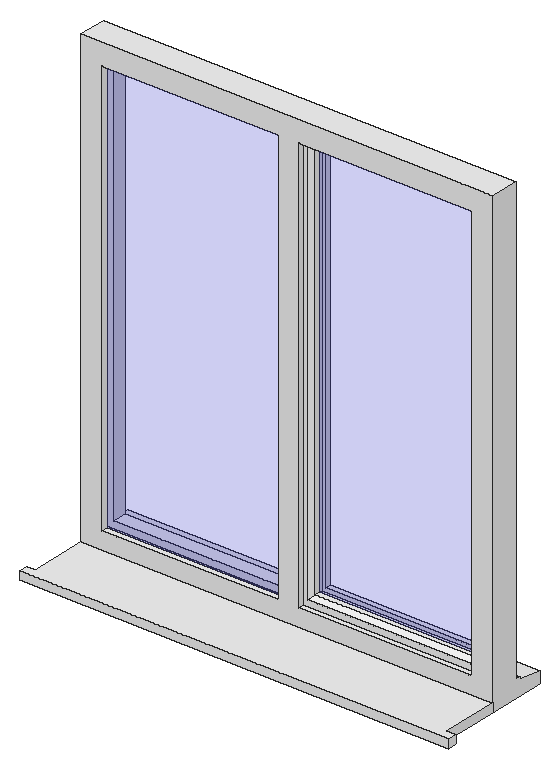
Revit family
Parameters
  Wrap Layers (Ext) from Ext = 102.5 mm
  Wrap Layers (Int) from Ext = 177.5 mm
  Window Board Projection = 25.0 mm
  Window Board Extension = 25.0 mm
  Vis - Cavity Closers = yes
  Rough Width = Width  # 1200.0 mm
  Rough Height = Height  # 1350.0 mm
  Material Trim = Window Frame
  Material Glass = Glass
  Material Frame = Window Frame
  Manufacturer = "Revit"
  Height = 1350.0 mm
  Wall Closure = (empty or 0)
  Width = 1200.0 mm
  Glazing Thickness = 24.0 mm
  FrameOffset - External = 50.0 mm
  Frame Depth = 65.0 mm
  Default Head Height = 2110.0 mm
  Cill Depth = 87.5 mm
  Cavity Closer Width = 50.0 mm
  Cavity Closer Offset from Ext = 102.5 mm
  Cavity Closer Depth = 85.0 mm
Reference planes
  plane 1: y = 0
  plane 2 "Center (Left/Right)": x = -285
  plane 3 "Left": x = -885
  plane 4 "Right": x = 315
  plane 5 "Cill": z = 760
  plane 6 "Head": z = 2110
  plane 7 "Exterior": y = 158.457
  plane 8 "Interior": y = -141.543
  plane 9 "Back of Window": y = 43.457
  plane 10 "Wall Closure": y = 55.957
  plane 11 "Front Cill": y = 195.957
  plane 12 "Front Window Board": y = -166.543
  plane 13 "RHS Window Board": x = 340
  plane 14 "LHS Window Board": x = -910
  plane 15 "Ext Leaf Back": y = 55.957
  plane 16 "Face Window": y = 108.457
  plane 17: x = -285
  plane 18: y = -19.043
Forms (mm)
  Extrusion 1, solid, material "Window Frame" <- "Material Trim", detail levels medium+fine
    sketch origin (0, 0, 760) x (0, -1, 0) y (-1, 0, 0)
      loop
        line (141.543, 910) -> (141.543, 885) -> (-25.457, 885) -> (-25.457, -315) -> (141.543, -315) -> (141.543, -340) -> (166.543, -340) -> (166.543, 910) -> (141.543, 910)
    from 0 to -25
  Extrusion 2, solid, material "Window Frame" <- "Material Frame"
    sketch origin (-285, 0, 0) x (0, 1, 0) y (0, 0, 1)
      loop
        line (25.457, 760) -> (195.957, 760) -> (195.957, 793.809) -> (123.457, 804.745) -> (123.457, 809.688) -> (108.457, 811) -> (108.457, 823) -> (43.457, 823) -> (43.457, 835) -> (25.457, 835) -> (25.457, 760)
    from 600 to -600
  Sweep 3, solid, material "Window Frame" <- "Material Frame"
    path origin (0, 43.457, 0) x (1, 0, 0) y (0, 0, 1)
      loop
        line (-885, 823) -> (-885, 2110) -> (315, 2110) -> (315, 823)
    profile origin (0, 0, 1466.5) x (-1, 0, 0) y (0, -1, 0)
      loop
        line (885, -25.457) -> (825, -25.457) -> (825, -43.457) -> (845, -43.457) -> (845, -108.457) -> (885, -108.457) -> (885, -25.457)
  Sweep 4, solid, material "Window Frame" <- "Material Frame"
    path origin (0, 108.457, 0) x (1, 0, 0) y (0, 0, 1)
      loop
        line (275, 2070) -> (-270, 2070) -> (-270, 823) -> (275, 823) -> (275, 2070)
    profile origin (0, 0, 1446.5) x (0, -1, 0) y (1, 0, 0)
      loop
        line (-108.457, -280) -> (-108.457, -270) -> (-43.457, -270) -> (-43.457, -240.148) -> (-57.949, -230) -> (-72.457, -230) -> (-72.457, -240) -> (-96.457, -240) -> (-96.457, -230) -> (-114.23, -230) -> (-120.004, -247.446) -> (-120.004, -269.215) -> (-114.23, -280) -> (-108.457, -280)
  Extrusion 5, solid, material "Window Frame" <- "Material Frame"
    sketch origin (0, 0, 760) x (0, -1, 0) y (-1, 0, 0)
      loop
        line (-25.457, 310) -> (-43.457, 310) -> (-43.457, 300) -> (-67.457, 300) -> (-67.457, 310) -> (-108.457, 310) -> (-108.457, 270) -> (-43.457, 270) -> (-43.457, 252) -> (-25.457, 252) -> (-25.457, 310)
    from -63 to -1310
  Sweep 6, solid, material "Window Frame" <- "Material Frame"
    path origin (-300, 67.457, 823) x (0, 0, 1) y (-1, 0, 0)
      loop
        line (1247, 10) -> (1247, 545) -> (0, 545) -> (0, 10)
    profile origin (0, 0, 1446.5) x (0, -1, 0) y (1, 0, 0)
      loop
        line (-67.457, -845) -> (-67.457, -825) -> (-108.457, -825) -> (-108.457, -845) -> (-67.457, -845)
  Extrusion 7, solid, material "Glass" <- "Material Glass"
    sketch origin (-845, 43.457, 823) x (0, 0, 1) y (1, 0, 0)
      loop
        line (1247, 0) -> (1247, 545) -> (0, 545) -> (0, 0) -> (1247, 0)
    from 0 to 24 <- "Glazing Thickness"
  Extrusion 8, solid, material "Glass" <- "Material Glass"
    sketch origin (245, 96.457, 2040) x (-1, 0, 0) y (0, 0, -1)
      loop
        line (0, 0) -> (485, 0) -> (485, 1187) -> (0, 1187) -> (0, 0)
    from 0 to 24 <- "Glazing Thickness"
Cuts and joins
  joined: Extrusion 2, Sweep 3, Extrusion 5
Lines and regions (mm)
  Opening 1
    outline origin (-5000, -141.543, 0) x (1, 0, 0) y (0, 0, 1)
      loop
        line (5315, 2110) -> (4115, 2110) -> (4115, 760) -> (5315, 760) -> (5315, 2110)
  symbolic lines, style "Windows", detail levels coarse
    curve 1: line (235, 0, 863) -> (235, 0, 2030)
    curve 2: line (235, 0, 2030) -> (-230, 0, 2030)
    curve 3: line (-230, 0, 2030) -> (-230, 0, 863)
    curve 4: line (-230, 0, 863) -> (235, 0, 863)
    curve 5: line (285, 0, 2080) -> (285, 0, 813)
    curve 6: line (285, 0, 813) -> (-280, 0, 813)
    curve 7: line (-280, 0, 813) -> (-280, 0, 2080)
    curve 8: line (-280, 0, 2080) -> (285, 0, 2080)
    curve 9: line (-860, 0, 793.809) -> (290, 0, 793.809)
    curve 29: line (-845, 0, 2070) -> (-300, 0, 2070)
    curve 30: line (-845, 0, 823) -> (-845, 0, 2070)
    curve 31: line (-300, 0, 823) -> (-845, 0, 823)
    curve 32: line (-300, 0, 2070) -> (-300, 0, 823)
  symbolic lines, style "Windows"
    curve 10: line (-885, 25.457, 0) -> (315, 25.457, 0)
    curve 11: line (-885, 108.457, 0) -> (-885, 25.457, 0)
    curve 12: line (315, 108.457, 0) -> (-885, 108.457, 0)
    curve 13: line (315, 25.457, 0) -> (315, 108.457, 0)
    curve 14: line (-825, 25.457, 0) -> (-825, 108.457, 0)
    curve 15: line (255, 25.457, 0) -> (255, 108.457, 0)
    curve 16: line (-825, 66.957, 0) -> (-310, 66.957, 0)
    curve 35: line (-260, 66.957, 0) -> (255, 66.957, 0)
    curve 36: line (-260, 25.457, 0) -> (-260, 108.457, 0)
    curve 37: line (-310, 25.457, 0) -> (-310, 108.457, 0)
  symbolic lines, style "Cavity Closer", visible <- "Vis - Cavity Closers", detail levels medium+fine
    curve 17: line (-885, 55.957, 0) -> (-935, 55.957, 0)
    curve 18: line (-885, -29.043, 0) -> (-885, 55.957, 0)
    curve 19: line (-935, -29.043, 0) -> (-885, -29.043, 0)
    curve 20: line (-935, 55.957, 0) -> (-935, -29.043, 0)
    curve 21: line (-885, -29.043, 0) -> (-935, 55.957, 0)
    curve 22: line (-935, -29.043, 0) -> (-885, 55.957, 0)
    curve 23: line (315, 55.957, 0) -> (365, 55.957, 0)
    curve 24: line (315, -29.043, 0) -> (315, 55.957, 0)
    curve 25: line (365, -29.043, 0) -> (315, -29.043, 0)
    curve 26: line (365, 55.957, 0) -> (365, -29.043, 0)
    curve 27: line (315, -29.043, 0) -> (365, 55.957, 0)
    curve 28: line (365, -29.043, 0) -> (315, 55.957, 0)
  symbolic lines, style "Elevation Swing"
    curve 33: line (-230, 0, 2030) -> (235, 0, 1446.5)
    curve 34: line (-230, 0, 863) -> (235, 0, 1446.5)
  symbolic lines, style "WindowsSillHeadProjection"
    curve 38: line (315, 195.957, 0) -> (-885, 195.957, 0)
    curve 39: line (-885, 195.957, 0) -> (-885, 159.707, 0)
    curve 40: line (315, 159.707, 0) -> (315, 195.957, 0)
Text (mm)
  text "EXTERIOR" at (-1415.209, 454.062, 0), in view "Ref. Level"
  text "INTERIOR" at (-1415.209, -367.981, 0), in view "Ref. Level"
  text "Exterior" at (0, 923.751, 2943.296), in view "Right"
  text "Exterior" at (0, 1040.484, 2685.409), in view "Left"
Dimensions and locks
  equal spacing: plane 3 "Left", plane 2 "Center (Left/Right)", plane 4 "Right"
  "Width": plane 3 "Left" to plane 4 "Right"
  "Height": plane 5 "Cill" to plane 6 "Head"
  "Default Head Height": plane 6 "Head" to level
  locked: plane 7 "Exterior" to host wall at 0
  locked: plane 8 "Interior" to host wall
  "Window Board Projection": plane 12 "Front Window Board" to plane 8 "Interior"
  "Window Board Extension": plane 14 "LHS Window Board" to plane 3 "Left"
  "Window Board Extension": plane 4 "Right" to plane 13 "RHS Window Board"
  "Cavity Closer Offset from Ext": plane 15 "Ext Leaf Back" to plane 7 "Exterior"
  "Frame Depth": plane 9 "Back of Window" to plane 16 "Face Window"
  "FrameOffset - External": plane 16 "Face Window" to plane 7 "Exterior"
  locked: Extrusion 2 sketch curve to Extrusion 2 sketch curve at 18
  Extrusion 2 sketch curve to Extrusion 2 sketch curve = 12.0 mm
  plane 16 "Face Window" to Extrusion 2 sketch curve = 15.0 mm
  Sweep 4 sketch curve to Sweep 4 sketch curve = 10.0 mm
  equal spacing: Extrusion 2, Sweep 4 sketch curve, Sweep 4 sketch curve
  equal spacing: Sweep 3, Sweep 4 sketch curve, Sweep 4 sketch curve
  Sweep 4 sketch curve to Sweep 4 sketch curve = 17.774 mm
  "Glazing Thickness": Sweep 4 sketch curve to Sweep 4 sketch curve
  equal spacing: curve 12, curve 16, curve 10
  "Cavity Closer Depth": curve 17 to curve 19
  "Cavity Closer Width": curve 20 to plane 3 "Left"
  "Cavity Closer Depth": curve 23 to curve 25
  "Cavity Closer Width": plane 4 "Right" to curve 26
  "Cill Depth": plane 16 "Face Window" to plane 11 "Front Cill"
  equal spacing: Extrusion 5 sketch curve, plane 17, Extrusion 5 sketch curve
  Extrusion 5 sketch curve to Extrusion 5 sketch curve = 10.0 mm
  Extrusion 5 sketch curve to Extrusion 5 sketch curve = 18.0 mm  (x2)
  "Glazing Thickness": Extrusion 5 sketch curve to Extrusion 5 sketch curve
  equal spacing: Sweep 4, curve 34, Sweep 4
  "Wrap Layers (Ext) from Ext": plane 10 "Wall Closure" to plane 7 "Exterior"
  "Wrap Layers (Int) from Ext": plane 18 to plane 7 "Exterior"
  aligned and locked: plane 3 "Left" to Extrusion 1 sketch curve
  aligned and locked: Extrusion 1 sketch curve to plane 8 "Interior"  (x2)
  aligned and locked: Extrusion 1 sketch curve to plane 13 "RHS Window Board"
  aligned and locked: Extrusion 1 to plane 12 "Front Window Board"
  aligned and locked: plane 14 "LHS Window Board" to Extrusion 1 sketch curve
  aligned and locked: plane 9 "Back of Window" to Extrusion 2 sketch curve
  aligned and locked: plane 16 "Face Window" to Extrusion 2 sketch curve
  aligned and locked: plane 11 "Front Cill" to Extrusion 2 sketch curve
  aligned and locked: Extrusion 2 sketch curve to plane 5 "Cill"
  aligned and locked: plane 3 "Left" to Extrusion 2
  aligned and locked: Extrusion 2 to plane 4 "Right"
  aligned and locked: plane 16 "Face Window" to Sweep 3 sketch curve
  aligned and locked: Extrusion 1 to Extrusion 2
  aligned and locked: Sweep 4 sketch curve to Sweep 4 sketch curve
  aligned and locked: Sweep 4 sketch curve to plane 9 "Back of Window"
  aligned and locked: curve 1 to Sweep 4
  aligned and locked: curve 2 to Sweep 4
  aligned and locked: curve 3 to Sweep 4
  aligned and locked: curve 5 to Sweep 4
  aligned and locked: curve 6 to Sweep 4
  aligned and locked: curve 7 to Sweep 4
  aligned and locked: curve 8 to Sweep 4
  aligned and locked: Extrusion 2 to curve 9
  aligned and locked: Sweep 3 to curve 14
  aligned and locked: curve 15 to Sweep 3
  aligned and locked: plane 3 "Left" to nested 1
  aligned and locked: curve 18 to plane 3 "Left"
  aligned and locked: plane 4 "Right" to nested 2
  aligned and locked: curve 24 to plane 4 "Right"
  aligned and locked: Extrusion 5 sketch curve to Extrusion 5 sketch curve  (x2)
  aligned and locked: Extrusion 5 sketch curve to plane 16 "Face Window"
  aligned and locked: plane 9 "Back of Window" to Extrusion 5 sketch curve
  aligned and locked: Extrusion 5 to Sweep 3
  aligned and locked: Extrusion 5 to Extrusion 2
  aligned and locked: plane 17 to plane 2 "Center (Left/Right)"
  aligned and locked: Sweep 4 sketch curve to Extrusion 5
  aligned and locked: Sweep 3 to Sweep 6 sketch curve
  aligned and locked: Extrusion 2 to Sweep 6 sketch curve
  aligned and locked: curve 29 to Sweep 3  (x2)
  aligned and locked: curve 32 to Extrusion 5
  aligned and locked: curve 10 to Extrusion 2
  aligned and locked: curve 12 to Sweep 3
  aligned and locked: curve 16 to curve 35
  aligned and locked: curve 38 to cut or joined group of Extrusion 2, Sweep 3, Extrusion 5
  aligned and locked: curve 39 to cut or joined group of Extrusion 2, Sweep 3, Extrusion 5
  aligned and locked: cut or joined group of Extrusion 2, Sweep 3, Extrusion 5 to curve 40
  aligned and locked: nested 2 to plane 15 "Ext Leaf Back"
  aligned and locked: plane 15 "Ext Leaf Back" to curve 23
  aligned and locked: nested 1 to plane 15 "Ext Leaf Back"
  aligned and locked: plane 15 "Ext Leaf Back" to curve 17
Automatic sketch dimensions
  Extrusion 1 sketch curve to plane 4 "Right" = 0.0 mm
  plane 9 "Back of Window" to Extrusion 1 sketch curve = 18.0 mm
  Extrusion 1 sketch curve to plane 12 "Front Window Board" = 0.0 mm
  Extrusion 2 sketch curve to Extrusion 2 sketch curve = 33.809 mm
  Extrusion 2 sketch curve to Extrusion 2 sketch curve = 15.879 mm
  Extrusion 2 sketch curve to Extrusion 2 sketch curve = 4.943 mm
  Extrusion 2 sketch curve to plane 5 "Cill" = 63.0 mm
  Extrusion 2 sketch curve to Extrusion 2 sketch curve = 12.0 mm
  Sweep 3 sketch curve to plane 3 "Left" = 0.0 mm
  Sweep 3 sketch curve to plane 4 "Right" = 0.0 mm
  Sweep 3 sketch curve to plane 6 "Head" = 0.0 mm
  Sweep 3 sketch curve to plane 5 "Cill" = 63.0 mm  (x2)
  Sweep 3 sketch curve to profile plane = 0.0 mm
  profile plane to Sweep 3 sketch curve = 40.0 mm
  plane 9 "Back of Window" to Sweep 3 sketch curve = 18.0 mm
  Sweep 3 sketch curve to Sweep 3 sketch curve = 20.0 mm
  Sweep 3 sketch curve to plane 9 "Back of Window" = 0.0 mm
  Sweep 4 sketch curve to plane 16 "Face Window" = 0.0 mm
  Sweep 4 sketch curve to profile plane = 0.0 mm
  Sweep 4 sketch curve to plane 16 "Face Window" = 5.774 mm
  Sweep 4 sketch curve to profile plane = 40.0 mm
  Sweep 4 sketch curve to Sweep 4 sketch curve = 14.493 mm
  profile plane to Sweep 4 sketch curve = 10.0 mm
  Sweep 4 sketch curve to profile plane = 0.785 mm
  Sweep 4 sketch curve to Sweep 4 sketch curve = 17.446 mm
  Sweep 4 sketch curve to Sweep 4 sketch curve = 10.148 mm
  Extrusion 5 sketch curve to plane 2 "Center (Left/Right)" = 25.0 mm
  plane 6 "Head" to Sweep 4 sketch curve = 40.0 mm
  plane 4 "Right" to Sweep 4 sketch curve = 40.0 mm
  Sweep 4 sketch curve to plane 5 "Cill" = 63.0 mm
  Sweep 6 sketch curve to plane 5 "Cill" = 63.0 mm
  plane 6 "Head" to Sweep 6 sketch curve = 40.0 mm
  Sweep 6 sketch curve to plane 2 "Center (Left/Right)" = 25.0 mm  (x2)
  Sweep 6 sketch curve to plane 3 "Left" = 40.0 mm
  Sweep 6 sketch curve to profile plane = 0.0 mm  (x2)
  curve 3 to curve 6 = 50.0 mm
  curve 12 to plane 3 "Left" = 0.0 mm
  curve 12 to plane 4 "Right" = 0.0 mm
  curve 37 to plane 2 "Center (Left/Right)" = 25.0 mm
  plane 2 "Center (Left/Right)" to curve 36 = 25.0 mm
  host wall to curve 39 = 1.25 mm
  host wall to curve 40 = 1.25 mm
  curve 30 to curve 9 = 29.191 mm
  Extrusion 7 sketch curve to plane 5 "Cill" = 63.0 mm
  plane 6 "Head" to Extrusion 7 sketch curve = 40.0 mm
  Extrusion 7 sketch curve to plane 3 "Left" = 40.0 mm
  Extrusion 7 sketch curve to plane 2 "Center (Left/Right)" = 15.0 mm
  plane 4 "Right" to Extrusion 8 sketch curve = 70.0 mm
  plane 2 "Center (Left/Right)" to Extrusion 8 sketch curve = 45.0 mm
  plane 6 "Head" to Extrusion 8 sketch curve = 70.0 mm
  Extrusion 8 sketch curve to plane 5 "Cill" = 93.0 mm
  curve 5 to curve 9 = 5.0 mm
  curve 9 to plane 3 "Left" = 25.0 mm
  Opening 1 sketch curve to plane 3 "Left" = 0.0 mm
  Opening 1 sketch curve to plane 4 "Right" = 0.0 mm
  Opening 1 sketch curve to plane 5 "Cill" = 0.0 mm
  Opening 1 sketch curve to plane 6 "Head" = 0.0 mm
Nested families
  nested 1: "UK_Cavity Closer" at (-935, 55.957, 0), visible <- "Vis - Cavity Closers", type "UK_Cavity Closer", detail levels medium+fine
  nested 2: "UK_Cavity Closer" at (365, 55.957, 0) x (-1, 0, 0) z (0, 0, 1), visible <- "Vis - Cavity Closers", type "UK_Cavity Closer", detail levels medium+fine
Definition of nested family "UK_Cavity Closer"
  Parameters
    Closer Width = 50.0 mm
    Closer Depth = 75.0 mm
  Reference planes
    plane 1 "Center (Front/Back)": y = 0
    plane 2: z = 0
    plane 3 "Center (Left/Right)": x = 0
    plane 4: x = 50, in view "Ref. Level"
    plane 5: y = -75, in view "Ref. Level"
  Lines and regions (mm)
    Masking region 1, in view "Ref. Level"
      outline origin (0, 0, 0) x (1, 0, 0) y (0, 1, 0)
        loop
          line (0, 0) -> (0, -75) -> (50, -75) -> (50, 0) -> (0, 0)
  Dimensions and locks
    "Closer Width": plane 3 "Center (Left/Right)" to plane 4
    "Closer Depth": plane 5 to plane 1 "Center (Front/Back)"
  Automatic sketch dimensions
    Masking region 1 sketch curve to plane 3 "Center (Left/Right)" = 0.0 mm
    Masking region 1 sketch curve to plane 4 = 0.0 mm
    Masking region 1 sketch curve to plane 5 = 0.0 mm
    Masking region 1 sketch curve to plane 1 "Center (Front/Back)" = 0.0 mm
